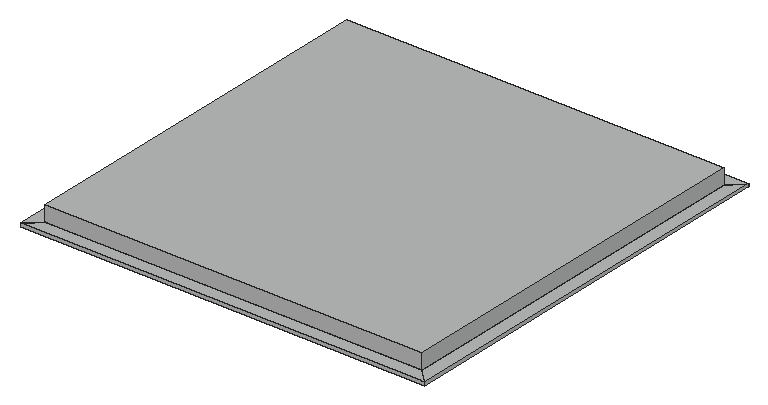
Revit family "AVRORA", category Осветительные приборы, Revit 2019 (continued)
Parameters (values of type "AVRORA-32/opal-sand 595x595х25 (IP20, 4000К)")
    93.200 856.800 819.100 780.900 742.200 702.300 662.100 621.700 580.800 539.700 498.200 456.600 415.100 373.800 332.600 292.200 251.800 212.200 171.300 135.700 \r\n101.100 64.700 40.100 12.000 1.100 \r\n1326.100 1325.300 1322.500 1317.500 1310.400 1299.800 1287.400 1273.800 1258.000 1239.300 1219.400 1196.900 1173.600 1147.700 1120.600 1091.800 1062.200 1030.700 998.200 \r\n964.100 929.100 893.300 856.600 819.100 780.800 742.100 702.200 662.200 621.100 580.800 539.600 498.100 456.500 415.200 373.800 332.800 292.400 252.500 212.400 172.300 136.100 \r\n100.500 65.700 40.800 12.600 1.100 \r\n1326.200 1325.300 1322.700 1317.600 1310.100 1299.800 1288.100 1274.200 1257.100 1239.000 1219.300 1196.700 1173.100 1147.500 1120.600 1091.800 1062.000 1030.600 998.200 \r\n964.000 928.900 893.200 856.600 819.000 780.700 741.900 702.200 662.000 621.500 580.700 539.500 498.100 456.400 415.000 373.600 332.800 292.600 252.800 213.000 172.700 136.200 \r\n100.600 66.100 41.100 13.300 1.000 \r\n1326.100 1325.600 1322.900 1317.400 1309.700 1299.900 1287.800 1274.500 1257.900 1239.100 1219.100 1196.700 1173.000 1147.400 1120.400 1092.000 1062.200 1030.500 997.600 \r\n964.200 929.200 893.200 856.500 818.900 780.600 741.900 702.100 661.900 621.300 580.300 539.200 497.800 456.400 415.200 373.600 332.700 292.500 252.900 214.000 173.300 136.800 \r\n102.600 66.800 41.500 14.000 1.000 \r\n1326.400 1325.300 1322.700 1317.300 1309.700 1299.900 1287.200 1273.700 1256.700 1238.900 1219.000 1197.000 1173.100 1147.400 1120.300 1092.100 1061.900 1030.400 997.700 \r\n963.800 928.800 892.900 856.400 818.800 780.500 741.900 702.000 661.800 621.000 580.500 539.100 497.800 456.400 414.900 373.500 332.700 292.500 253.000 214.500 173.800 138.000 \r\n102.700 68.100 41.600 14.800 1.000 \r\n1326.200 1325.300 1322.400 1317.000 1309.400 1299.600 1287.700 1273.200 1256.400 1238.900 1218.700 1196.700 1172.700 1147.300 1120.300 1091.700 1061.900 1030.200 997.800 \r\n963.300 928.600 893.000 856.300 818.800 780.300 741.800 701.900 661.700 621.200 580.500 539.400 497.700 456.300 414.900 373.500 332.700 292.500 253.100 214.500 174.500 138.500 \r\n103.800 69.100 41.600 15.500 1.000 \r\n1326.100 1325.600 1322.600 1316.800 1309.600 1299.900 1287.800 1273.300 1257.400 1239.100 1218.500 1196.300 1172.800 1147.300 1120.100 1091.700 1061.700 1030.100 997.200 \r\n963.500 928.600 892.600 856.100 818.600 780.300 741.600 701.600 661.600 620.800 580.300 539.100 497.600 456.200 414.700 373.400 332.600 292.400 253.000 214.500 175.000 138.800 \r\n103.900 70.000 40.300 16.200 1.000 \r\n1325.900 1325.700 1322.300 1316.900 1309.400 1299.800 1288.100 1274.100 1257.800 1238.800 1218.500 1196.600 1172.800 1147.200 1120.000 1091.500 1061.600 1030.300 997.000 \r\n963.100 928.300 892.600 856.000 818.500 780.100 741.700 701.600 661.600 621.200 580.300 538.900 497.600 456.000 414.500 373.300 332.600 292.300 252.900 214.900 175.300 139.300 \r\n104.200 70.700 40.500 16.900 0.900 \r\n1326.200 1325.900 1322.300 1317.000 1309.600 1299.900 1287.800 1273.900 1256.600 1239.200 1219.200 1196.700 1172.600 1147.200 1120.000 1091.100 1061.400 1030.200 996.900 \r\n963.100 928.400 892.600 855.900 818.300 780.200 741.600 701.600 661.600 620.900 580.100 539.000 497.500 456.000 414.500 373.200 332.500 292.200 253.000 214.700 175.300 140.100 \r\n104.800 71.800 40.600 17.700 0.900 \r\n1326.200 1325.600 1322.300 1317.100 1309.400 1299.700 1287.400 1273.400 1257.600 1238.900 1219.200 1196.300 1172.400 1147.000 1120.000 1091.100 1061.200 1029.700 996.200 \r\n963.800 928.100 892.600 855.800 818.200 780.000 741.300 701.600 661.300 621.100 579.900 538.800 497.500 456.000 414.600 373.100 332.400 292.100 252.800 214.700 175.200 140.300 \r\n104.800 72.600 41.300 18.400 0.900 \r\n1326.300 1325.100 1321.900 1317.300 1309.500 1299.700 1287.200 1273.700 1257.000 1239.000 1218.600 1196.400 1172.200 1147.000 1119.600 1091.100 1060.900 1029.800 997.000 \r\n963.700 928.300 892.500 855.700 818.000 780.000 741.200 701.300 661.500 621.000 580.400 538.700 497.500 455.800 414.500 373.000 332.200 292.000 252.800 214.700 175.100 140.400 \r\n104.800 73.400 42.000 19.100 0.900 \r\n1326.500 1325.600 1322.100 1317.000 1309.400 1299.500 1287.700 1272.100 1256.900 1239.000 1218.400 1196.300 1172.200 1146.700 1119.900 1091.200 1060.900 1029.500 996.900 \r\n963.000 927.800 892.300 855.600 818.000 779.800 741.100 701.100 661.300 621.000 579.800 538.600 497.200 455.800 414.300 373.100 332.200 291.900 252.700 214.500 175.200 140.300 \r\n105.000 74.000 42.700 19.700 0.900 \r\n1326.000 1325.700 1321.900 1316.900 1309.200 1299.100 1287.400 1273.900 1256.900 1238.500 1218.700 1196.100 1172.000 1146.600 1119.400 1090.800 1060.400 1029.600 996.700 \r\n962.200 927.900 892.300 855.300 817.800 779.800 741.000 701.300 661.200 620.400 579.900 538.600 497.000 455.700 414.300 372.900 332.100 291.800 252.600 214.500 174.900 140.200 \r\n104.700 74.800 43.500 20.400 0.900 \r\n1326.100 1325.400 1322.100 1316.700 1309.400 1299.100 1286.300 1273.200 1257.400 1238.600 1218.400 1195.500 1171.400 1146.500 1119.300 1090.400 1061.000 1029.500 996.600 \r\n962.300 927.600 892.200 855.300 817.800 779.600 741.000 701.100 661.100 620.600 579.800 538.500 497.200 455.700 414.200 372.900 332.100 291.700 252.500 214.400 175.100 140.100 \r\n104.400 75.200 44.200 21.200 0.800 \r\n1326.200 1325.200 1321.900 1317.000 1309.600 1299.400 1287.300 1272.900 1256.200 1238.600 1218.600 1195.700 1171.400 1146.300 1119.100 1090.400 1060.400 1029.300 996.800 \r\n962.600 927.500 892.000 855.200 817.800 779.600 740.700 701.200 661.100 620.600 580.000 538.200 497.200 455.700 414.200 372.800 332.100 291.800 252.500 214.300 175.000 140.200 \r\n104.300 75.300 44.900 21.800 0.800 \r\n1326.400 1325.300 1322.000 1316.800 1309.400 1299.300 1287.300 1273.100 1256.400 1238.500 1217.800 1195.800 1171.300 1146.100 1119.100 1090.200 1060.400 1028.600 996.200 \r\n962.200 927.200 891.500 855.100 817.600 779.600 740.500 701.100 661.000 620.700 579.600 538.500 496.800 455.600 414.200 372.700 332.000 291.700 252.500 214.300 174.700 140.100 \r\n103.900 75.300 45.100 22.200 0.800 \r\n1326.700 1325.400 1322.100 1316.800 1309.100 1299.400 1287.100 1272.600 1256.800 1238.400 1217.700 1195.700 1171.200 1146.000 1118.800 1090.200 1060.400 1028.700 996.200 \r\n962.100 927.300 891.500 855.100 817.600 779.300 740.500 701.000 661.100 620.000 579.700 538.300 497.100 455.400 414.200 372.700 331.900 291.600 252.400 214.100 174.800 140.000 \r\n103.700 75.300 45.200 22.500 0.800 \r\n1326.500 1325.200 1322.200 1316.600 1308.900 1298.900 1287.000 1272.700 1256.000 1238.100 1217.500 1195.300 1171.600 1145.800 1118.600 1090.000 1059.800 1028.500 996.300 \r\n961.600 927.100 891.500 855.200 817.500 779.200 740.400 700.900 660.900 619.700 579.700 538.100 497.000 455.400 414.000 372.800 331.900 291.600 252.400 214.000 174.900 139.900 \r\n103.600 75.300 45.200 22.500 0.800 \r\n1326.400 1325.400 1322.100 1316.700 1309.000 1298.700 1287.200 1272.600 1255.900 1238.100 1217.300 1195.300 1171.300 1145.600 1118.600 1089.900 1059.900 1028.600 995.300 \r\n961.700 926.800 891.500 854.900 817.300 779.200 740.200 700.800 660.700 620.500 579.500 538.200 496.800 455.400 413.900 372.700 331.800 291.600 252.200 214.200 174.700 139.900 \r\n103.500 75.300 45.100 22.500 0.700 \r\n1326.100 1325.300 1321.800 1316.400 1309.000 1298.900 1286.700 1273.400 1257.000 1237.500 1217.500 1195.400 1171.500 1145.700 1118.300 1089.900 1059.900 1028.200 995.000 \r\n961.800 926.700 891.400 854.600 817.100 779.000 740.200 700.800 660.500 620.200 579.300 538.400 496.700 455.400 413.800 372.700 331.800 291.500 252.300 214.100 174.700 139.900 \r\n103.500 75.200 45.100 22.500 0.800 \r\n"
  built-in parameter 1150133 = 10 (stored number, unit not read)
  Wattage = 23.5624 W
  built-in parameter 1150139 = (empty or 0)
  built-in parameter 1150138 = (empty or 0)
  built-in parameter 1150107 = 4000 (stored number, unit not read)
  built-in parameter 1150102 = (empty or 0)
  Emit from Rectangle Width = Ширина - 40 mm  # 555 mm
  Emit from Rectangle Length = Длина - 40 mm  # 555 mm
  Длина = 595 mm
  УГО [instance] = yes
  Description = ""
  Материал светильника = RAL 9006
  Материал стекла = RAL светящийся
  Type Comments = ""
  Изготовитель = "ЗАО «Центрстройсвет»"
  Ширина = 595 mm
  Высота = 25 mm
  Видимая форма излучения при визуализации = yes
  URL = "http://csvt.ru/"
  ADSK_Ток = ADSK_Номинальная мощность / (ADSK_Коэффициент мощности * ADSK_Напряжение * sqrt(ADSK_Количество фаз числовое))  # 0.151229 A
  ADSK_Примечание = ""
  ADSK_Полная мощность = ADSK_Номинальная мощность / ADSK_Коэффициент мощности  # 34.7826 VA
  ADSK_Обозначение = "AVRORA-32/opal-sand 595x595х25 (IP20, 4000К)"
  ADSK_Номинальная мощность = 32 W
  ADSK_Напряжение = 230 V
  ADSK_Наименование = "Встраиваемый светодиодный светильник AVRORA-32/opal-sand 595x595х25 (IP20, 4000К)"
  ADSK_Масса = 2.7
  ADSK_Коэффициент мощности = 0.92
  ADSK_Количество фаз числовое = 1
  ADSK_Количество фаз = 1
  ADSK_Код изделия = "РУ000003200"
  ADSK_Классификация нагрузок = Прочее
  ADSK_Завод-изготовитель = "ЗАО «Центрстройсвет»"
  ADSK_Единица измерения = "шт."
Reference planes
  plane 1 "По центру (Вперед/Назад)": y = 0
  plane 2: z = 0
  plane 3 "По центру (Влево/Вправо)": x = 0
  plane 4: x = -297.5
  plane 5: x = 297.5
  plane 6: z = 25
  plane 7: y = -297.5
  plane 8: z = 12.5
  plane 9: y = 297.5
  plane 10: y = -277.5
  plane 11: y = 277.5
  plane 12: x = 277.5
  plane 13: x = -277.5
  plane 14: z = 3
  plane 15: z = -2
  plane 16: z = -0.986
Forms (mm)
  Extrusion 1, solid, material "RAL 9006" <- "Материал светильника", detail levels medium+fine
    sketch origin (0, 0, 0) x (1, 0, 0) y (0, 1, 0)
      loop
        line (297.5, 297.5) -> (277.5, 277.5) -> (277.5, -277.5) -> (297.5, -297.5) -> (297.5, 297.5)
      loop
        line (-297.5, 297.5) -> (-297.5, -297.5) -> (-277.5, -277.5) -> (-277.5, 277.5) -> (-297.5, 297.5)
    from -2 to 3
  Extrusion 2, solid, material "RAL 9006" <- "Материал светильника", detail levels medium+fine
    sketch origin (0, 0, 0) x (1, 0, 0) y (0, 1, 0)
      loop
        line (-277.5, 277.5) -> (-277.5, -277.5) -> (277.5, -277.5) -> (277.5, 277.5) -> (-277.5, 277.5)
    from 3 to 25
  Extrusion 3, solid, material "RAL светящийся" <- "Материал стекла", detail levels medium+fine
    sketch origin (0, 0, 0) x (1, 0, 0) y (0, 1, 0)
      loop
        line (-277.5, 277.5) -> (-277.5, -277.5) -> (277.5, -277.5) -> (277.5, 277.5) -> (-277.5, 277.5)
    from -0.986 to 3
  Extrusion 4, solid, material "RAL 9006" <- "Материал светильника", detail levels medium+fine
    sketch origin (0, 0, 0) x (1, 0, 0) y (0, 1, 0)
      loop
        line (-297.5, 297.5) -> (-277.5, 277.5) -> (277.5, 277.5) -> (297.5, 297.5) -> (-297.5, 297.5)
      loop
        line (-297.5, -297.5) -> (297.5, -297.5) -> (277.5, -277.5) -> (-277.5, -277.5) -> (-297.5, -297.5)
    from -2 to 3
Dimensions and locks
  equal spacing: plane 4, plane 3 "По центру (Влево/Вправо)", plane 5
  "Длина": plane 4 to plane 5
  equal spacing: plane 6, plane 8, plane 2
  equal spacing: plane 9, plane 1 "По центру (Вперед/Назад)", plane 7
  "Ширина": plane 9 to plane 7
  "Высота": plane 6 to plane 2
  locked: plane 10 to plane 7 at 20
  locked: plane 11 to plane 9 at 20
  locked: plane 4 to plane 13 at 20
  locked: plane 12 to plane 5 at 20
  locked: plane 14 to plane 2 at 3
  locked: plane 2 to plane 15 at 2
  locked: plane 16 to plane 15 at 1.014
  aligned and locked: level to plane 2
  aligned and locked: plane 5 to Extrusion 1 sketch curve
  aligned and locked: plane 14 to Extrusion 1
  aligned and locked: plane 11 to Extrusion 2 sketch curve
  aligned and locked: plane 13 to Extrusion 2 sketch curve
  aligned and locked: plane 10 to Extrusion 2 sketch curve
  aligned and locked: plane 12 to Extrusion 2 sketch curve
  aligned and locked: plane 6 to Extrusion 2
  aligned and locked: Extrusion 2 to plane 14
  aligned and locked: Extrusion 1 to plane 15
  aligned and locked: plane 11 to Extrusion 3 sketch curve
  aligned and locked: plane 10 to Extrusion 3 sketch curve
  aligned and locked: plane 12 to Extrusion 3 sketch curve
  aligned and locked: plane 13 to Extrusion 3 sketch curve
  aligned and locked: Extrusion 3 to plane 16
  aligned and locked: plane 14 to Extrusion 3
  aligned and locked: plane 16 to imposter light
  aligned and locked: plane 9 to Extrusion 4 sketch curve
  aligned and locked: plane 11 to Extrusion 4 sketch curve
  aligned and locked: Extrusion 4 sketch curve to plane 7
  aligned and locked: Extrusion 4 sketch curve to plane 10
  aligned and locked: Extrusion 1 sketch curve to plane 4
  aligned and locked: Extrusion 1 sketch curve to plane 13
  aligned and locked: plane 14 to Extrusion 4
  aligned and locked: Extrusion 4 to plane 15
Automatic sketch dimensions
  Extrusion 4 sketch curve to plane 4 = 0 mm  (x2)
  Extrusion 4 sketch curve to plane 13 = 0 mm  (x2)
  Extrusion 4 sketch curve to plane 12 = 0 mm  (x2)
  Extrusion 4 sketch curve to plane 5 = 0 mm  (x2)
  plane 11 to Extrusion 1 sketch curve = 0 mm  (x2)
  Extrusion 1 sketch curve to plane 12 = 0 mm
  Extrusion 1 sketch curve to plane 7 = 0 mm  (x2)
  Extrusion 1 sketch curve to plane 10 = 0 mm  (x2)
  plane 9 to Extrusion 1 sketch curve = 0 mm  (x2)
Nested families
  nested 1: "УГО светильник светодиодный" at (0, 0, 0), type "УГО светильник прямоугольный"
Connectors
  electrical at (0, 0, 25), driven by "ADSK_Количество фаз", driven by "ADSK_Классификация нагрузок", driven by "ADSK_Напряжение", driven by "ADSK_Полная мощность", driven by "ADSK_Коэффициент мощности"
    settings: on Extrusion 2, index 1, voltage 230 V, apparent load 0 VA, apparent load phase1 34.7826 VA, apparent load phase2 0 VA, apparent load phase3 0 VA, power factor 0.92, load classification "Прочее", number of poles 1, system type 31, power factor state 1, is connector primary yes, connector utility no, sub classification motor no, connector description ""
Definition of nested family "УГО светильник светодиодный"
  Parameters
    Длина = 1000 mm
    Ширина = 500 mm
  Reference planes
    plane 1 "По центру (Вперед/Назад)": y = 0
    plane 2: z = 0
    plane 3 "По центру (Влево/Вправо)": x = 0
    plane 4: x = -500
    plane 5: y = 250
    plane 6: x = 500
    plane 7: y = -250
    plane 8: x = -333.333
    plane 9: x = -166.667
    plane 10: x = 333.333
    plane 11: x = 166.667
  Lines and regions (mm)
    model lines, detail levels coarse
      curve 1: line (-500, 250, 0) -> (500, 250, 0)
      curve 2: line (-500, -250, 0) -> (-500, 250, 0)
      curve 3: line (500, -250, 0) -> (-500, -250, 0)
      curve 4: line (500, 250, 0) -> (500, -250, 0)
      curve 5: line (333.333, -250, 0) -> (333.333, 250, 0)
      curve 6: line (-333.333, -250, 0) -> (-333.333, 250, 0)
  Dimensions and locks
    equal spacing: plane 7, plane 1 "По центру (Вперед/Назад)", plane 5
    "Ширина": plane 7 to plane 5
    equal spacing: plane 4, plane 3 "По центру (Влево/Вправо)", plane 6
    "Длина": plane 4 to plane 6
    equal spacing: plane 4, plane 9, plane 11, plane 6
    equal spacing: plane 4, plane 8, plane 9
    equal spacing: plane 11, plane 10, plane 6
    aligned and locked: level to plane 2
    aligned and locked: curve 1 to plane 5
    aligned and locked: plane 4 to curve 2
    aligned and locked: curve 3 to plane 7
    aligned and locked: plane 6 to curve 4
    aligned and locked: curve 5 to plane 10
    aligned and locked: plane 8 to curve 6
